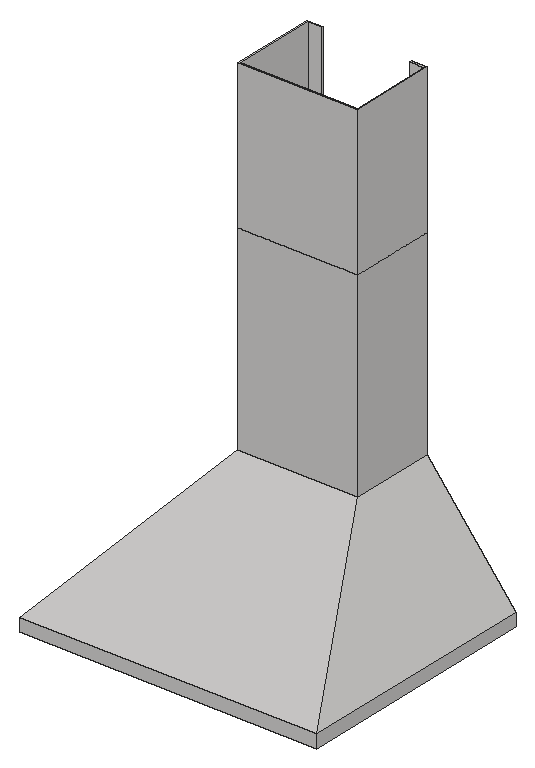
Revit family "Qf_Summit_SEH1524SS_24 inches Wide Wall-Mounted Range Hood", category Specialty Equipment, Revit 2020
Family settings
  Round Connector Dimension = Use Diameter
  Part Type = Normal
  Work Plane-Based = No
  Always vertical = Yes
  Cut with Voids When Loaded = No
  Shared = No
  Room Calculation Point = No
Parameters
  Weight in Pounds = 39
  Watts = FL Amps * Volts  # 299 W
  Volts = 115 V
  Ventilation Remarks = ""
  URL Cutsheet = ""
  Specification by User = ""
  Specification by Manufacturer = ""
  Show Clearance [instance] = yes
  Show Casters [instance] = yes
  Serial Number = ""
  Seismic Rating = ""
  SMACNA No = ""
  Revision Code = ""
  Phase = 1
  Number of Poles = 1
  NAFEM Spec ID Number = ""
  Model = "SEH1524SS"
  Min Ckt Ampacity = 0 A
  Max Overcurrent Protection = 0 A
  Masterspec = ""
  Manufacturer = "Summit"
  Length = 23 9/16"
  Item Number = ""
  Installed By = ""
  Identify Quantity as Lot = yes
  Height = 37 1/4"
  HP = ""
  Furnished By = ""
  Foodservice Equipment Identifier = yes
  FL Amps = 2.6 A
  Exhaust Volume = 200 CFM
  Exhaust Vent Width = 6 7/8"
  Exhaust Vent Diameter = 0"
  Exhaust Vent Depth = 9 1/2"
  Exhaust Static Press = 0.00 in-wg
  Exhaust RI Height = 0"
  Electrical Remarks = ""
  Electric Connection Type = ""
  Elec Conn RI Height = 0"
  Elec Conn Connection Height = 0"
  Description = "24\" Wide Wall-Mounted Range Hood"
  Depth = 19 11/16"
  Default Elevation = 0"
  Cycle = 60 Hz
  Conn Plug = ""
  Conn Conduit = yes
  CSI MasterFormat = ""
  Base Height [instance] = 3/4"
  Apparent Power = 828 VA
Reference planes (in)
  plane 1: z = 0
  plane 2 "LEFT": x = 0
  plane 3 "RIGHT": x = 23.5625
  plane 4 "FRONT": y = -20.4375
  plane 5 "TOP": z = 37.25
  plane 6 "Center Y": x = 11.78125
  plane 7 "Center X": y = -10.59375
  plane 8 "BACK": y = -0.75
  plane 9: z = 25.5
  plane 10: z = 9.75
  plane 11: y = -7.625
  plane 12: x = 7.03125
  plane 13: x = 16.53125
  plane 14: z = 1
Forms (in)
  Extrusion 1, solid, material "QF_Metal_Stainless_Polished"
    sketch origin (0, 0, 0) x (1, 0, 0) y (0, 1, 0)
      loop
        line (7.03125, -0.75) -> (7.03125, -7.625) -> (16.53125, -7.625) -> (16.53125, -0.75) -> (15.30274, -0.75) -> (15.30274, -0.875) -> (16.40625, -0.875) -> (16.40625, -7.5) -> (7.15625, -7.5) -> (7.15625, -0.875) -> (8.25976, -0.875) -> (8.25976, -0.75) -> (7.03125, -0.75)
    from 25.5 to 37.25
  Extrusion 2, solid, material "QF_Metal_Stainless_Polished"
    sketch origin (0, 0, 51) x (0, -1, 0) y (1, 0, 0)
      loop
        line (0.75, 7.03125) -> (7.625, 7.03125) -> (7.625, 16.53125) -> (0.75, 16.53125) -> (0.75, 7.03125)
    from -41.25 to -25.5
  Blend 3, solid, material "QF_Metal_Stainless_Polished"
    base sketch origin (0, 0, 0) x (1, 0, 0) y (0, 1, 0)
      loop
        line (0, -0.75) -> (0, -20.4375) -> (23.5625, -20.4375) -> (23.5625, -0.75) -> (0, -0.75)
    top sketch origin (0, 0, 0) x (1, 0, 0) y (0, 1, 0)
      loop
        line (7.03125, -0.75) -> (7.03125, -7.625) -> (16.53125, -7.625) -> (16.53125, -0.75) -> (7.03125, -0.75)
    from 1 to 9.75
  Extrusion 4, solid, material "QF_Metal_Stainless_Polished"
    sketch origin (0, 0, 0) x (1, 0, 0) y (0, 1, 0)
      loop
        line (0, -0.75) -> (0, -20.4375) -> (23.5625, -20.4375) -> (23.5625, -0.75) -> (0, -0.75)
      loop
        line (2, -18.4375) -> (21.5625, -18.4375) -> (21.5625, -2.75) -> (2, -2.75) -> (2, -18.4375)
      loop
        line (2.0625, -18.375) -> (21.5, -18.375) -> (21.5, -2.8125) -> (2.0625, -2.8125) -> (2.0625, -18.375)
      loop
        line (2.3125, -16.125) -> (5.39822, -16.125) -> (5.39822, -15.25) -> (8.39822, -15.25) -> (8.39822, -16.125) -> (11.48394, -16.125) -> (11.48394, -2.9375) -> (2.3125, -2.9375) -> (2.3125, -16.125)
      loop
        line (21.25, -2.9375) -> (12.07856, -2.9375) -> (12.07856, -16.125) -> (15.16428, -16.125) -> (15.16428, -15.25) -> (18.16428, -15.25) -> (18.16428, -16.125) -> (21.25, -16.125) -> (21.25, -2.9375)
    from 0 to 1
  Extrusion 5, solid, material "QF_Metal_Stainless_Polished"
    sketch origin (7.03125, -0.75, 51) x (1, 0, 0) y (0, 0, -1)
      loop
        circle (4.75, 40.16486) r 0.25
    from 0 to 0.06876
  Extrusion 6, solid, material "QF_Plastic_White_Smooth"
    sketch origin (0, 0, 0) x (1, 0, 0) y (0, 1, 0)
      loop
        line (2.3125, -16.125) -> (5.39822, -16.125) -> (5.39822, -15.25) -> (8.39822, -15.25) -> (8.39822, -16.125) -> (11.48394, -16.125) -> (11.48394, -2.9375) -> (2.3125, -2.9375) -> (2.3125, -16.125)
      loop
        line (12.07856, -16.125) -> (15.16428, -16.125) -> (15.16428, -15.25) -> (18.16428, -15.25) -> (18.16428, -16.125) -> (21.25, -16.125) -> (21.25, -2.9375) -> (12.07856, -2.9375) -> (12.07856, -16.125)
    from 0 to 1
Cuts and joins
  joined: Extrusion 2, Extrusion 5
Lines and regions (in)
  Split face 1
    outline origin (0, 2, 0) x (1, 0, 0) y (0, 1, 0)
      loop
        line (9.6875, -18.95829) -> (9.6875, -19.95829) -> (13.875, -19.95829) -> (13.875, -18.95829) -> (9.6875, -18.95829)
  Split face 2
    outline origin (-4.75, 2, 0) x (1, 0, 0) y (0, 1, 0)
      loop
        line (10.84764, -17.51889) -> (10.84764, -18.14389) -> (12.28514, -18.14389) -> (12.28514, -17.51889) -> (10.84764, -17.51889)
  Split face 3
    outline origin (28.3125, 2, 0) x (0, 1, 0) y (-1, 0, 0)
      loop
        line (-17.51889, 10.84764) -> (-17.51889, 12.28514) -> (-18.14389, 12.28514) -> (-18.14389, 10.84764) -> (-17.51889, 10.84764)
  Split face 4
    outline origin (-4.75, 16, 0) x (1, 0, 0) y (0, 1, 0)
      loop
        spline (10.56639, -17.76889) -> (10.60046, -17.963) -> (10.70037, -18.14389) -> (10.85928, -18.29922) -> (11.06639, -18.41841) -> (11.30757, -18.49333) -> (11.56639, -18.51889) -> (11.82521, -18.49333) -> (12.06639, -18.41841) -> (12.2735, -18.29922) -> (12.43242, -18.14389) -> (12.53232, -17.963) -> (12.56639, -17.76889)
        spline (12.56639, -17.76889) -> (12.53232, -17.57477) -> (12.43242, -17.39389) -> (12.2735, -17.23856) -> (12.06639, -17.11937) -> (11.82521, -17.04444) -> (11.56639, -17.01889) -> (11.30757, -17.04444) -> (11.06639, -17.11937) -> (10.85928, -17.23856) -> (10.70037, -17.39389) -> (10.60046, -17.57477) -> (10.56639, -17.76889)
  Split face 5
    outline origin (28.3125, 16, 0) x (0, 1, 0) y (-1, 0, 0)
      loop
        spline (-17.76889, 10.56639) -> (-17.57477, 10.60046) -> (-17.39389, 10.70037) -> (-17.23856, 10.85928) -> (-17.11937, 11.06639) -> (-17.04444, 11.30757) -> (-17.01889, 11.56639) -> (-17.04444, 11.82521) -> (-17.11937, 12.06639) -> (-17.23856, 12.2735) -> (-17.39389, 12.43242) -> (-17.57477, 12.53232) -> (-17.76889, 12.56639)
        spline (-17.76889, 12.56639) -> (-17.963, 12.53232) -> (-18.14389, 12.43242) -> (-18.29922, 12.2735) -> (-18.41841, 12.06639) -> (-18.49333, 11.82521) -> (-18.51889, 11.56639) -> (-18.49333, 11.30757) -> (-18.41841, 11.06639) -> (-18.29922, 10.85928) -> (-18.14389, 10.70037) -> (-17.963, 10.60046) -> (-17.76889, 10.56639)
  symbolic lines, style "SpecialityEquipment"
    curve 1: line (0, -20.4375, 0) -> (0, -0.75, 0)
    curve 2: line (0, -0.75, 0) -> (23.5625, -0.75, 0)
    curve 3: line (23.5625, -0.75, 0) -> (23.5625, -20.4375, 0)
    curve 4: line (23.5625, -20.4375, 0) -> (0, -20.4375, 0)
    curve 5: line (0, -20.4375, 0) -> (7.03125, -7.625, 0)
    curve 6: line (23.5625, -20.4375, 0) -> (16.53125, -7.625, 0)
    curve 7: line (7.03125, -7.625, 0) -> (16.53125, -7.625, 0)
    curve 8: line (16.53125, -7.625, 0) -> (16.53125, -0.75, 0)
    curve 9: line (16.53125, -0.75, 0) -> (15.30274, -0.75, 0)
    curve 10: line (15.30274, -0.75, 0) -> (15.30274, -0.875, 0)
    curve 11: line (15.30274, -0.875, 0) -> (16.40625, -0.875, 0)
    curve 12: line (16.40625, -0.875, 0) -> (16.40625, -7.5, 0)
    curve 13: line (16.40625, -7.5, 0) -> (7.15625, -7.5, 0)
    curve 14: line (7.15625, -7.5, 0) -> (7.15625, -0.875, 0)
    curve 15: line (7.15625, -0.875, 0) -> (8.25976, -0.875, 0)
    curve 16: line (8.25976, -0.875, 0) -> (8.25976, -0.75, 0)
    curve 17: line (8.25976, -0.75, 0) -> (7.03125, -0.75, 0)
    curve 18: line (7.03125, -0.75, 0) -> (7.03125, -7.625, 0)
Dimensions and locks (in)
  equal spacing: plane 2 "LEFT", plane 6 "Center Y", plane 3 "RIGHT"
  "Length": plane 2 "LEFT" to plane 3 "RIGHT"
  equal spacing: plane 4 "FRONT", plane 7 "Center X", plane 8 "BACK"
  "Height": plane 5 "TOP" to level
  plane 3 "RIGHT" to plane 2 "LEFT" = 23 9/16"
  plane 5 "TOP" to level = 37 1/4"
  "Depth": plane 4 "FRONT" to plane 8 "BACK"
  plane 9 to plane 10 to level = 15 3/4", 9 3/4"
  plane 8 "BACK" to plane 11 = 6 7/8"
  plane 12 to plane 13 = 9 1/2"
  locked: plane 14 to level at 1
  aligned and locked: level to plane 1
  aligned and locked: plane 5 "TOP" to Extrusion 1
  aligned and locked: Extrusion 1 to plane 9
  aligned and locked: Extrusion 2 to plane 10
  aligned and locked: plane 9 to Extrusion 2
  aligned and locked: Extrusion 4 to Blend 3
  aligned and locked: plane 10 to Blend 3
  aligned and locked: plane 14 to Extrusion 6
Automatic sketch dimensions
  curve 1 to plane 2 "LEFT" = 0"
  curve 7 to plane 11 = 0"
  curve 7 to plane 12 = 0"
  plane 8 "BACK" to curve 16 = 0"
  plane 8 "BACK" to curve 9 = 0"
  curve 9 to plane 13 = 0"
  curve 4 to plane 3 "RIGHT" = 0"
  plane 4 "FRONT" to curve 1 = 0"
  plane 8 "BACK" to curve 2 = 0"
  curve 14 to plane 12 = 1/8"
  plane 8 "BACK" to curve 16 = 1/8"
  curve 14 to curve 16 = 1.10351"
  curve 9 to plane 13 = 1.22851"
  curve 12 to plane 13 = 1/8"
  plane 11 to curve 12 = 1/8"
  plane 8 "BACK" to curve 10 = 1/8"
  Extrusion 1 sketch curve to plane 11 = 0"
  Extrusion 1 sketch curve to plane 12 = 0"
  plane 8 "BACK" to Extrusion 1 sketch curve = 0"  (x2)
  Extrusion 1 sketch curve to plane 13 = 0"
  Extrusion 1 sketch curve to plane 12 = 1/8"
  plane 8 "BACK" to Extrusion 1 sketch curve = 1/8"  (x2)
  Extrusion 1 sketch curve to Extrusion 1 sketch curve = 1.10351"
  Extrusion 1 sketch curve to plane 13 = 1.22851"
  Extrusion 1 sketch curve to plane 13 = 1/8"
  plane 11 to Extrusion 1 sketch curve = 1/8"
  plane 8 "BACK" to Extrusion 2 sketch curve = 0"
  Extrusion 2 sketch curve to plane 11 = 0"
  Extrusion 2 sketch curve to plane 12 = 0"
  Extrusion 2 sketch curve to plane 13 = 0"
  Blend 3 sketch curve to plane 2 "LEFT" = 0"
  Blend 3 sketch curve to plane 3 "RIGHT" = 0"
  plane 4 "FRONT" to Blend 3 sketch curve = 0"
  plane 8 "BACK" to Blend 3 sketch curve = 0"  (x2)
  Blend 3 sketch curve to plane 11 = 0"
  Blend 3 sketch curve to plane 12 = 0"
  Blend 3 sketch curve to plane 13 = 0"
  Extrusion 4 sketch curve to plane 2 "LEFT" = 0"
  Extrusion 4 sketch curve to plane 3 "RIGHT" = 0"
  plane 4 "FRONT" to Extrusion 4 sketch curve = 0"
  plane 8 "BACK" to Extrusion 4 sketch curve = 0"
  plane 2 "LEFT" to Extrusion 4 sketch curve = 2"
  Extrusion 4 sketch curve to Extrusion 4 sketch curve = 1/16"  (x4)
  Extrusion 4 sketch curve to Extrusion 4 sketch curve = 1/4"
  plane 12 to Extrusion 4 sketch curve = 1.63303"
  Extrusion 4 sketch curve to plane 12 = 1.36697"
  Extrusion 4 sketch curve to plane 6 "Center Y" = 0.29731"
  plane 6 "Center Y" to Extrusion 4 sketch curve = 0.29731"
  Extrusion 4 sketch curve to plane 13 = 1.36697"
  plane 13 to Extrusion 4 sketch curve = 1.63303"
  plane 3 "RIGHT" to Extrusion 4 sketch curve = 2 5/16"
  plane 3 "RIGHT" to Extrusion 4 sketch curve = 2 1/16"
  Extrusion 4 sketch curve to plane 4 "FRONT" = 2"
  Extrusion 4 sketch curve to plane 4 "FRONT" = 4 5/16"
  Extrusion 4 sketch curve to Extrusion 4 sketch curve = 2 1/4"
  Extrusion 4 sketch curve to Extrusion 4 sketch curve = 0"  (x3)
  Extrusion 4 sketch curve to Extrusion 4 sketch curve = 7/8"  (x2)
  plane 8 "BACK" to Extrusion 4 sketch curve = 2 3/16"
  Extrusion 4 sketch curve to Extrusion 4 sketch curve = 1/8"
  Extrusion 2 to Extrusion 5 sketch curve = 1.08514"
  Extrusion 5 sketch curve to Extrusion 2 = 4 3/4"
  plane 2 "LEFT" to Extrusion 6 sketch curve = 2 5/16"
  plane 12 to Extrusion 6 sketch curve = 1.63303"
  Extrusion 6 sketch curve to plane 12 = 1.36697"
  Extrusion 6 sketch curve to plane 6 "Center Y" = 0.29731"
  plane 6 "Center Y" to Extrusion 6 sketch curve = 0.29731"
  Extrusion 6 sketch curve to plane 13 = 1.36697"
  plane 13 to Extrusion 6 sketch curve = 1.63303"
  plane 3 "RIGHT" to Extrusion 6 sketch curve = 2 5/16"
  Extrusion 6 sketch curve to plane 4 "FRONT" = 4 5/16"  (x2)
  Extrusion 6 sketch curve to Extrusion 6 sketch curve = 0"  (x2)
  Extrusion 6 sketch curve to Extrusion 6 sketch curve = 7/8"  (x2)
  plane 8 "BACK" to Extrusion 6 sketch curve = 2 3/16"  (x2)
  Split face 1 sketch curve to Extrusion 4 = 0.41671"
  Extrusion 4 to Split face 1 sketch curve = 1.28928"  (x2)
  Split face 1 sketch curve to Extrusion 4 = 0.83329"
  Split face 2 sketch curve to Extrusion 4 = 0.01889"
  Split face 2 sketch curve to Extrusion 4 = 0.69942"
  Split face 2 sketch curve to Extrusion 4 = 0.86308"
  Split face 2 sketch curve to Extrusion 4 = 0.26889"
  Split face 3 sketch curve to Extrusion 4 = 0.01889"
  Split face 3 sketch curve to Extrusion 4 = 0.26889"
  Split face 3 sketch curve to Extrusion 4 = 0.69942"
  Split face 3 sketch curve to Extrusion 4 = 0.86308"
  Split face 4 sketch curve to Extrusion 4 = 0.41817"
  Split face 4 sketch curve to Extrusion 4 = 0.98111"
  Split face 4 sketch curve to Split face 4 sketch curve = 1"
  Split face 5 sketch curve to Extrusion 4 = 0.41817"
  Split face 5 sketch curve to Extrusion 4 = 0.98111"
  Split face 5 sketch curve to Split face 5 sketch curve = 1"
  radius of Extrusion 5 sketch curve = 1/4"
Connectors (in)
  electrical at (11.78125, -0.68124, 10.83514), driven by "Volts", driven by "Apparent Power"
    settings: on cut or joined group of Extrusion 2, Extrusion 5, index 1, voltage 115 V, apparent load 828 VA, apparent load phase1 0 VA, apparent load phase2 0 VA, apparent load phase3 0 VA, power factor 1, load classification "Other", number of poles 1, system type 30, power factor state 1, is connector primary yes, connector utility no, sub classification motor no, connector description "Electrical Inlet"
  hvac at (11.78125, -3.0625, 37.25)
    settings: on Extrusion 1, index 3, duct flow 0 CFM, flow factor 0, pres drop 0.00 in-wg, loss coef 0, conn angle 0.00°, conn width 9 1/2", conn height 6 7/8", conn diameter 24", duct sys type 3, conn prof type 1, flow config 1, flow direction 2, loss method 0, conn ref index -1, conn util no, is conn primary yes, conn desc ""
